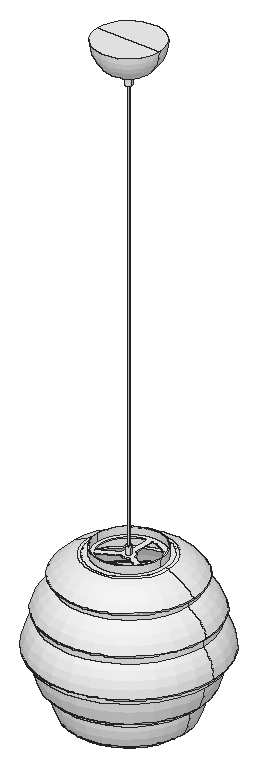
Revit family "Artek_Lighting_Pendant Light A331 “Beehive“_A331 Beehive_quick_ship", category Lighting Fixtures, Revit 2018 (continued)
Definition of nested family "A331"
  Lines and regions (mm)
    symbolic lines, detail levels fine
      curve 822: spline (0, 6.017, 1.084) -> (0, 5.692, 1.288) -> (0, 5.389, 1.887) -> (0, 5.129, 2.839) -> (0, 4.93, 4.079) -> (0, 4.804, 5.524) -> (0, 4.761, 7.074) -> (0, 4.804, 8.625) -> (0, 4.93, 10.069) -> (0, 5.129, 11.31) -> (0, 5.389, 12.262) -> (0, 5.692, 12.86) -> (0, 6.017, 13.064) -> (0, 6.342, 12.86) -> (0, 6.645, 12.262) -> (0, 6.905, 11.31) -> (0, 7.105, 10.069) -> (0, 7.23, 8.625) -> (0, 7.273, 7.074) -> (0, 7.23, 5.524) -> (0, 7.105, 4.079) -> (0, 6.905, 2.839) -> (0, 6.645, 1.887) -> (0, 6.342, 1.288) -> (0, 6.017, 1.084)
      curve 823: spline (0, 10.029, 1.084) -> (0, 9.704, 1.288) -> (0, 9.401, 1.887) -> (0, 9.141, 2.839) -> (0, 8.941, 4.079) -> (0, 8.816, 5.524) -> (0, 8.773, 7.074) -> (0, 8.816, 8.625) -> (0, 8.941, 10.069) -> (0, 9.141, 11.31) -> (0, 9.401, 12.262) -> (0, 9.704, 12.86) -> (0, 10.029, 13.064) -> (0, 10.354, 12.86) -> (0, 10.657, 12.262) -> (0, 10.917, 11.31) -> (0, 11.116, 10.069) -> (0, 11.242, 8.625) -> (0, 11.284, 7.074) -> (0, 11.242, 5.524) -> (0, 11.116, 4.079) -> (0, 10.917, 2.839) -> (0, 10.657, 1.887) -> (0, 10.354, 1.288) -> (0, 10.029, 1.084)
      curve 824: spline (0, 14.04, 1.084) -> (0, 13.715, 1.288) -> (0, 13.412, 1.887) -> (0, 13.152, 2.839) -> (0, 12.953, 4.079) -> (0, 12.827, 5.524) -> (0, 12.784, 7.074) -> (0, 12.827, 8.625) -> (0, 12.953, 10.069) -> (0, 13.152, 11.31) -> (0, 13.412, 12.262) -> (0, 13.715, 12.86) -> (0, 14.04, 13.064) -> (0, 14.365, 12.86) -> (0, 14.668, 12.262) -> (0, 14.928, 11.31) -> (0, 15.128, 10.069) -> (0, 15.253, 8.625) -> (0, 15.296, 7.074) -> (0, 15.253, 5.524) -> (0, 15.128, 4.079) -> (0, 14.928, 2.839) -> (0, 14.668, 1.887) -> (0, 14.365, 1.288) -> (0, 14.04, 1.084)
      curve 825: spline (0, 18.052, 1.084) -> (0, 17.727, 1.288) -> (0, 17.424, 1.887) -> (0, 17.164, 2.839) -> (0, 16.964, 4.079) -> (0, 16.839, 5.524) -> (0, 16.796, 7.074) -> (0, 16.839, 8.625) -> (0, 16.964, 10.069) -> (0, 17.164, 11.31) -> (0, 17.424, 12.262) -> (0, 17.727, 12.86) -> (0, 18.052, 13.064) -> (0, 18.377, 12.86) -> (0, 18.68, 12.262) -> (0, 18.94, 11.31) -> (0, 19.139, 10.069) -> (0, 19.265, 8.625) -> (0, 19.307, 7.074) -> (0, 19.265, 5.524) -> (0, 19.139, 4.079) -> (0, 18.94, 2.839) -> (0, 18.68, 1.887) -> (0, 18.377, 1.288) -> (0, 18.052, 1.084)
      curve 826: spline (0, 22.063, 1.084) -> (0, 21.738, 1.288) -> (0, 21.435, 1.887) -> (0, 21.175, 2.839) -> (0, 20.976, 4.079) -> (0, 20.85, 5.524) -> (0, 20.807, 7.074) -> (0, 20.85, 8.625) -> (0, 20.976, 10.069) -> (0, 21.175, 11.31) -> (0, 21.435, 12.262) -> (0, 21.738, 12.86) -> (0, 22.063, 13.064) -> (0, 22.388, 12.86) -> (0, 22.691, 12.262) -> (0, 22.951, 11.31) -> (0, 23.151, 10.069) -> (0, 23.276, 8.625) -> (0, 23.319, 7.074) -> (0, 23.276, 5.524) -> (0, 23.151, 4.079) -> (0, 22.951, 2.839) -> (0, 22.691, 1.887) -> (0, 22.388, 1.288) -> (0, 22.063, 1.084)
      curve 827: spline (0, 26.075, 1.084) -> (0, 25.75, 1.288) -> (0, 25.447, 1.887) -> (0, 25.187, 2.839) -> (0, 24.987, 4.079) -> (0, 24.862, 5.524) -> (0, 24.819, 7.074) -> (0, 24.862, 8.625) -> (0, 24.987, 10.069) -> (0, 25.187, 11.31) -> (0, 25.447, 12.262) -> (0, 25.75, 12.86) -> (0, 26.075, 13.064) -> (0, 26.4, 12.86) -> (0, 26.703, 12.262) -> (0, 26.963, 11.31) -> (0, 27.162, 10.069) -> (0, 27.288, 8.625) -> (0, 27.33, 7.074) -> (0, 27.288, 5.524) -> (0, 27.162, 4.079) -> (0, 26.963, 2.839) -> (0, 26.703, 1.887) -> (0, 26.4, 1.288) -> (0, 26.075, 1.084)
      curve 828: spline (0, 30.086, 1.084) -> (0, 29.761, 1.288) -> (0, 29.458, 1.887) -> (0, 29.198, 2.839) -> (0, 28.999, 4.079) -> (0, 28.873, 5.524) -> (0, 28.83, 7.074) -> (0, 28.873, 8.625) -> (0, 28.999, 10.069) -> (0, 29.198, 11.31) -> (0, 29.458, 12.262) -> (0, 29.761, 12.86) -> (0, 30.086, 13.064) -> (0, 30.411, 12.86) -> (0, 30.714, 12.262) -> (0, 30.974, 11.31) -> (0, 31.174, 10.069) -> (0, 31.299, 8.625) -> (0, 31.342, 7.074) -> (0, 31.299, 5.524) -> (0, 31.174, 4.079) -> (0, 30.974, 2.839) -> (0, 30.714, 1.887) -> (0, 30.411, 1.288) -> (0, 30.086, 1.084)
      curve 829: spline (0, 34.098, 1.084) -> (0, 33.773, 1.288) -> (0, 33.47, 1.887) -> (0, 33.21, 2.839) -> (0, 33.01, 4.079) -> (0, 32.885, 5.524) -> (0, 32.842, 7.074) -> (0, 32.885, 8.625) -> (0, 33.01, 10.069) -> (0, 33.21, 11.31) -> (0, 33.47, 12.262) -> (0, 33.773, 12.86) -> (0, 34.098, 13.064) -> (0, 34.423, 12.86) -> (0, 34.726, 12.262) -> (0, 34.986, 11.31) -> (0, 35.185, 10.069) -> (0, 35.311, 8.625) -> (0, 35.353, 7.074) -> (0, 35.311, 5.524) -> (0, 35.185, 4.079) -> (0, 34.986, 2.839) -> (0, 34.726, 1.887) -> (0, 34.423, 1.288) -> (0, 34.098, 1.084)
      curve 830: spline (0, 38.109, 1.084) -> (0, 37.784, 1.288) -> (0, 37.481, 1.887) -> (0, 37.221, 2.839) -> (0, 37.022, 4.079) -> (0, 36.896, 5.524) -> (0, 36.853, 7.074) -> (0, 36.896, 8.625) -> (0, 37.022, 10.069) -> (0, 37.221, 11.31) -> (0, 37.481, 12.262) -> (0, 37.784, 12.86) -> (0, 38.109, 13.064) -> (0, 38.434, 12.86) -> (0, 38.737, 12.262) -> (0, 38.997, 11.31) -> (0, 39.197, 10.069) -> (0, 39.322, 8.625) -> (0, 39.365, 7.074) -> (0, 39.322, 5.524) -> (0, 39.197, 4.079) -> (0, 38.997, 2.839) -> (0, 38.737, 1.887) -> (0, 38.434, 1.288) -> (0, 38.109, 1.084)
      curve 831: spline (0, 42.121, 1.084) -> (0, 41.796, 1.288) -> (0, 41.493, 1.887) -> (0, 41.233, 2.839) -> (0, 41.033, 4.079) -> (0, 40.908, 5.524) -> (0, 40.865, 7.074) -> (0, 40.908, 8.625) -> (0, 41.033, 10.069) -> (0, 41.233, 11.31) -> (0, 41.493, 12.262) -> (0, 41.796, 12.86) -> (0, 42.121, 13.064) -> (0, 42.446, 12.86) -> (0, 42.749, 12.262) -> (0, 43.009, 11.31) -> (0, 43.208, 10.069) -> (0, 43.334, 8.625) -> (0, 43.376, 7.074) -> (0, 43.334, 5.524) -> (0, 43.208, 4.079) -> (0, 43.009, 2.839) -> (0, 42.749, 1.887) -> (0, 42.446, 1.288) -> (0, 42.121, 1.084)
      curve 832: spline (0, 46.132, 1.084) -> (0, 45.807, 1.288) -> (0, 45.504, 1.887) -> (0, 45.244, 2.839) -> (0, 45.045, 4.079) -> (0, 44.919, 5.524) -> (0, 44.876, 7.074) -> (0, 44.919, 8.625) -> (0, 45.045, 10.069) -> (0, 45.244, 11.31) -> (0, 45.504, 12.262) -> (0, 45.807, 12.86) -> (0, 46.132, 13.064) -> (0, 46.457, 12.86) -> (0, 46.76, 12.262) -> (0, 47.02, 11.31) -> (0, 47.22, 10.069) -> (0, 47.345, 8.625) -> (0, 47.388, 7.074) -> (0, 47.345, 5.524) -> (0, 47.22, 4.079) -> (0, 47.02, 2.839) -> (0, 46.76, 1.887) -> (0, 46.457, 1.288) -> (0, 46.132, 1.084)
      curve 833: spline (0, 50.144, 1.084) -> (0, 49.819, 1.288) -> (0, 49.516, 1.887) -> (0, 49.256, 2.839) -> (0, 49.056, 4.079) -> (0, 48.931, 5.524) -> (0, 48.888, 7.074) -> (0, 48.931, 8.625) -> (0, 49.056, 10.069) -> (0, 49.256, 11.31) -> (0, 49.516, 12.262) -> (0, 49.819, 12.86) -> (0, 50.144, 13.064) -> (0, 50.469, 12.86) -> (0, 50.771, 12.262) -> (0, 51.032, 11.31) -> (0, 51.231, 10.069) -> (0, 51.357, 8.625) -> (0, 51.399, 7.074) -> (0, 51.357, 5.524) -> (0, 51.231, 4.079) -> (0, 51.032, 2.839) -> (0, 50.771, 1.887) -> (0, 50.469, 1.288) -> (0, 50.144, 1.084)
      curve 834: spline (0, 54.155, 1.084) -> (0, 53.83, 1.288) -> (0, 53.527, 1.887) -> (0, 53.267, 2.839) -> (0, 53.068, 4.079) -> (0, 52.942, 5.524) -> (0, 52.899, 7.074) -> (0, 52.942, 8.625) -> (0, 53.068, 10.069) -> (0, 53.267, 11.31) -> (0, 53.527, 12.262) -> (0, 53.83, 12.86) -> (0, 54.155, 13.064) -> (0, 54.48, 12.86) -> (0, 54.783, 12.262) -> (0, 55.043, 11.31) -> (0, 55.243, 10.069) -> (0, 55.368, 8.625) -> (0, 55.411, 7.074) -> (0, 55.368, 5.524) -> (0, 55.243, 4.079) -> (0, 55.043, 2.839) -> (0, 54.783, 1.887) -> (0, 54.48, 1.288) -> (0, 54.155, 1.084)
      curve 835: spline (0, 58.167, 1.084) -> (0, 57.842, 1.288) -> (0, 57.539, 1.887) -> (0, 57.279, 2.839) -> (0, 57.079, 4.079) -> (0, 56.954, 5.524) -> (0, 56.911, 7.074) -> (0, 56.954, 8.625) -> (0, 57.079, 10.069) -> (0, 57.279, 11.31) -> (0, 57.539, 12.262) -> (0, 57.842, 12.86) -> (0, 58.167, 13.064) -> (0, 58.492, 12.86) -> (0, 58.794, 12.262) -> (0, 59.055, 11.31) -> (0, 59.254, 10.069) -> (0, 59.38, 8.625) -> (0, 59.422, 7.074) -> (0, 59.38, 5.524) -> (0, 59.254, 4.079) -> (0, 59.055, 2.839) -> (0, 58.794, 1.887) -> (0, 58.492, 1.288) -> (0, 58.167, 1.084)
      curve 836: spline (0, 62.178, 1.084) -> (0, 61.853, 1.288) -> (0, 61.55, 1.887) -> (0, 61.29, 2.839) -> (0, 61.091, 4.079) -> (0, 60.965, 5.524) -> (0, 60.922, 7.074) -> (0, 60.965, 8.625) -> (0, 61.091, 10.069) -> (0, 61.29, 11.31) -> (0, 61.55, 12.262) -> (0, 61.853, 12.86) -> (0, 62.178, 13.064) -> (0, 62.503, 12.86) -> (0, 62.806, 12.262) -> (0, 63.066, 11.31) -> (0, 63.266, 10.069) -> (0, 63.391, 8.625) -> (0, 63.434, 7.074) -> (0, 63.391, 5.524) -> (0, 63.266, 4.079) -> (0, 63.066, 2.839) -> (0, 62.806, 1.887) -> (0, 62.503, 1.288) -> (0, 62.178, 1.084)
      curve 837: spline (0, 66.19, 1.084) -> (0, 65.865, 1.288) -> (0, 65.562, 1.887) -> (0, 65.302, 2.839) -> (0, 65.102, 4.079) -> (0, 64.977, 5.524) -> (0, 64.934, 7.074) -> (0, 64.977, 8.625) -> (0, 65.102, 10.069) -> (0, 65.302, 11.31) -> (0, 65.562, 12.262) -> (0, 65.865, 12.86) -> (0, 66.19, 13.064) -> (0, 66.515, 12.86) -> (0, 66.817, 12.262) -> (0, 67.078, 11.31) -> (0, 67.277, 10.069) -> (0, 67.403, 8.625) -> (0, 67.445, 7.074) -> (0, 67.403, 5.524) -> (0, 67.277, 4.079) -> (0, 67.078, 2.839) -> (0, 66.817, 1.887) -> (0, 66.515, 1.288) -> (0, 66.19, 1.084)
      curve 838: spline (0, 70.201, 1.084) -> (0, 69.876, 1.288) -> (0, 69.573, 1.887) -> (0, 69.313, 2.839) -> (0, 69.114, 4.079) -> (0, 68.988, 5.524) -> (0, 68.945, 7.074) -> (0, 68.988, 8.625) -> (0, 69.114, 10.069) -> (0, 69.313, 11.31) -> (0, 69.573, 12.262) -> (0, 69.876, 12.86) -> (0, 70.201, 13.064) -> (0, 70.526, 12.86) -> (0, 70.829, 12.262) -> (0, 71.089, 11.31) -> (0, 71.289, 10.069) -> (0, 71.414, 8.625) -> (0, 71.457, 7.074) -> (0, 71.414, 5.524) -> (0, 71.289, 4.079) -> (0, 71.089, 2.839) -> (0, 70.829, 1.887) -> (0, 70.526, 1.288) -> (0, 70.201, 1.084)
      curve 839: spline (0, 74.213, 1.084) -> (0, 73.888, 1.288) -> (0, 73.585, 1.887) -> (0, 73.325, 2.839) -> (0, 73.125, 4.079) -> (0, 73, 5.524) -> (0, 72.957, 7.074) -> (0, 73, 8.625) -> (0, 73.125, 10.069) -> (0, 73.325, 11.31) -> (0, 73.585, 12.262) -> (0, 73.888, 12.86) -> (0, 74.213, 13.064) -> (0, 74.538, 12.86) -> (0, 74.84, 12.262) -> (0, 75.101, 11.31) -> (0, 75.3, 10.069) -> (0, 75.426, 8.625) -> (0, 75.468, 7.074) -> (0, 75.426, 5.524) -> (0, 75.3, 4.079) -> (0, 75.101, 2.839) -> (0, 74.84, 1.887) -> (0, 74.538, 1.288) -> (0, 74.213, 1.084)
      curve 840: spline (0, 78.224, 1.084) -> (0, 77.899, 1.288) -> (0, 77.596, 1.887) -> (0, 77.336, 2.839) -> (0, 77.137, 4.079) -> (0, 77.011, 5.524) -> (0, 76.968, 7.074) -> (0, 77.011, 8.625) -> (0, 77.137, 10.069) -> (0, 77.336, 11.31) -> (0, 77.596, 12.262) -> (0, 77.899, 12.86) -> (0, 78.224, 13.064) -> (0, 78.549, 12.86) -> (0, 78.852, 12.262) -> (0, 79.112, 11.31) -> (0, 79.312, 10.069) -> (0, 79.437, 8.625) -> (0, 79.48, 7.074) -> (0, 79.437, 5.524) -> (0, 79.312, 4.079) -> (0, 79.112, 2.839) -> (0, 78.852, 1.887) -> (0, 78.549, 1.288) -> (0, 78.224, 1.084)
      curve 841: spline (0, 82.236, 1.084) -> (0, 81.911, 1.288) -> (0, 81.608, 1.887) -> (0, 81.348, 2.839) -> (0, 81.148, 4.079) -> (0, 81.023, 5.524) -> (0, 80.98, 7.074) -> (0, 81.023, 8.625) -> (0, 81.148, 10.069) -> (0, 81.348, 11.31) -> (0, 81.608, 12.262) -> (0, 81.911, 12.86) -> (0, 82.236, 13.064) -> (0, 82.561, 12.86) -> (0, 82.863, 12.262) -> (0, 83.123, 11.31) -> (0, 83.323, 10.069) -> (0, 83.448, 8.625) -> (0, 83.491, 7.074) -> (0, 83.448, 5.524) -> (0, 83.323, 4.079) -> (0, 83.123, 2.839) -> (0, 82.863, 1.887) -> (0, 82.561, 1.288) -> (0, 82.236, 1.084)
      curve 842: spline (0, 86.247, 1.084) -> (0, 85.922, 1.288) -> (0, 85.619, 1.887) -> (0, 85.359, 2.839) -> (0, 85.16, 4.079) -> (0, 85.034, 5.524) -> (0, 84.991, 7.074) -> (0, 85.034, 8.625) -> (0, 85.16, 10.069) -> (0, 85.359, 11.31) -> (0, 85.619, 12.262) -> (0, 85.922, 12.86) -> (0, 86.247, 13.064) -> (0, 86.572, 12.86) -> (0, 86.875, 12.262) -> (0, 87.135, 11.31) -> (0, 87.335, 10.069) -> (0, 87.46, 8.625) -> (0, 87.503, 7.074) -> (0, 87.46, 5.524) -> (0, 87.335, 4.079) -> (0, 87.135, 2.839) -> (0, 86.875, 1.887) -> (0, 86.572, 1.288) -> (0, 86.247, 1.084)
      curve 843: spline (0, 90.259, 1.084) -> (0, 89.934, 1.288) -> (0, 89.631, 1.887) -> (0, 89.371, 2.839) -> (0, 89.171, 4.079) -> (0, 89.046, 5.524) -> (0, 89.003, 7.074) -> (0, 89.046, 8.625) -> (0, 89.171, 10.069) -> (0, 89.371, 11.31) -> (0, 89.631, 12.262) -> (0, 89.934, 12.86) -> (0, 90.259, 13.064) -> (0, 90.584, 12.86) -> (0, 90.886, 12.262) -> (0, 91.146, 11.31) -> (0, 91.346, 10.069) -> (0, 91.471, 8.625) -> (0, 91.514, 7.074) -> (0, 91.471, 5.524) -> (0, 91.346, 4.079) -> (0, 91.146, 2.839) -> (0, 90.886, 1.887) -> (0, 90.584, 1.288) -> (0, 90.259, 1.084)
      curve 844: spline (0, -2.006, 1.084) -> (0, -1.681, 1.288) -> (0, -1.378, 1.887) -> (0, -1.118, 2.839) -> (0, -0.918, 4.079) -> (0, -0.793, 5.524) -> (0, -0.75, 7.074) -> (0, -0.793, 8.625) -> (0, -0.918, 10.069) -> (0, -1.118, 11.31) -> (0, -1.378, 12.262) -> (0, -1.681, 12.86) -> (0, -2.006, 13.064) -> (0, -2.331, 12.86) -> (0, -2.634, 12.262) -> (0, -2.894, 11.31) -> (0, -3.093, 10.069) -> (0, -3.219, 8.625) -> (0, -3.261, 7.074) -> (0, -3.219, 5.524) -> (0, -3.093, 4.079) -> (0, -2.894, 2.839) -> (0, -2.634, 1.887) -> (0, -2.331, 1.288) -> (0, -2.006, 1.084)
      curve 845: spline (0, -6.017, 1.084) -> (0, -5.692, 1.288) -> (0, -5.389, 1.887) -> (0, -5.129, 2.839) -> (0, -4.93, 4.079) -> (0, -4.804, 5.524) -> (0, -4.761, 7.074) -> (0, -4.804, 8.625) -> (0, -4.93, 10.069) -> (0, -5.129, 11.31) -> (0, -5.389, 12.262) -> (0, -5.692, 12.86) -> (0, -6.017, 13.064) -> (0, -6.342, 12.86) -> (0, -6.645, 12.262) -> (0, -6.905, 11.31) -> (0, -7.105, 10.069) -> (0, -7.23, 8.625) -> (0, -7.273, 7.074) -> (0, -7.23, 5.524) -> (0, -7.105, 4.079) -> (0, -6.905, 2.839) -> (0, -6.645, 1.887) -> (0, -6.342, 1.288) -> (0, -6.017, 1.084)
      curve 846: spline (0, -10.029, 1.084) -> (0, -9.704, 1.288) -> (0, -9.401, 1.887) -> (0, -9.141, 2.839) -> (0, -8.941, 4.079) -> (0, -8.816, 5.524) -> (0, -8.773, 7.074) -> (0, -8.816, 8.625) -> (0, -8.941, 10.069) -> (0, -9.141, 11.31) -> (0, -9.401, 12.262) -> (0, -9.704, 12.86) -> (0, -10.029, 13.064) -> (0, -10.354, 12.86) -> (0, -10.657, 12.262) -> (0, -10.917, 11.31) -> (0, -11.116, 10.069) -> (0, -11.242, 8.625) -> (0, -11.284, 7.074) -> (0, -11.242, 5.524) -> (0, -11.116, 4.079) -> (0, -10.917, 2.839) -> (0, -10.657, 1.887) -> (0, -10.354, 1.288) -> (0, -10.029, 1.084)
      curve 847: spline (0, -14.04, 1.084) -> (0, -13.715, 1.288) -> (0, -13.412, 1.887) -> (0, -13.152, 2.839) -> (0, -12.953, 4.079) -> (0, -12.827, 5.524) -> (0, -12.784, 7.074) -> (0, -12.827, 8.625) -> (0, -12.953, 10.069) -> (0, -13.152, 11.31) -> (0, -13.412, 12.262) -> (0, -13.715, 12.86) -> (0, -14.04, 13.064) -> (0, -14.365, 12.86) -> (0, -14.668, 12.262) -> (0, -14.928, 11.31) -> (0, -15.128, 10.069) -> (0, -15.253, 8.625) -> (0, -15.296, 7.074) -> (0, -15.253, 5.524) -> (0, -15.128, 4.079) -> (0, -14.928, 2.839) -> (0, -14.668, 1.887) -> (0, -14.365, 1.288) -> (0, -14.04, 1.084)
      curve 848: spline (0, -18.052, 1.084) -> (0, -17.727, 1.288) -> (0, -17.424, 1.887) -> (0, -17.164, 2.839) -> (0, -16.964, 4.079) -> (0, -16.839, 5.524) -> (0, -16.796, 7.074) -> (0, -16.839, 8.625) -> (0, -16.964, 10.069) -> (0, -17.164, 11.31) -> (0, -17.424, 12.262) -> (0, -17.727, 12.86) -> (0, -18.052, 13.064) -> (0, -18.377, 12.86) -> (0, -18.68, 12.262) -> (0, -18.94, 11.31) -> (0, -19.139, 10.069) -> (0, -19.265, 8.625) -> (0, -19.307, 7.074) -> (0, -19.265, 5.524) -> (0, -19.139, 4.079) -> (0, -18.94, 2.839) -> (0, -18.68, 1.887) -> (0, -18.377, 1.288) -> (0, -18.052, 1.084)
      curve 849: spline (0, -22.063, 1.084) -> (0, -21.738, 1.288) -> (0, -21.435, 1.887) -> (0, -21.175, 2.839) -> (0, -20.976, 4.079) -> (0, -20.85, 5.524) -> (0, -20.807, 7.074) -> (0, -20.85, 8.625) -> (0, -20.976, 10.069) -> (0, -21.175, 11.31) -> (0, -21.435, 12.262) -> (0, -21.738, 12.86) -> (0, -22.063, 13.064) -> (0, -22.388, 12.86) -> (0, -22.691, 12.262) -> (0, -22.951, 11.31) -> (0, -23.151, 10.069) -> (0, -23.276, 8.625) -> (0, -23.319, 7.074) -> (0, -23.276, 5.524) -> (0, -23.151, 4.079) -> (0, -22.951, 2.839) -> (0, -22.691, 1.887) -> (0, -22.388, 1.288) -> (0, -22.063, 1.084)
      curve 850: spline (0, -26.075, 1.084) -> (0, -25.75, 1.288) -> (0, -25.447, 1.887) -> (0, -25.187, 2.839) -> (0, -24.987, 4.079) -> (0, -24.862, 5.524) -> (0, -24.819, 7.074) -> (0, -24.862, 8.625) -> (0, -24.987, 10.069) -> (0, -25.187, 11.31) -> (0, -25.447, 12.262) -> (0, -25.75, 12.86) -> (0, -26.075, 13.064) -> (0, -26.4, 12.86) -> (0, -26.703, 12.262) -> (0, -26.963, 11.31) -> (0, -27.162, 10.069) -> (0, -27.288, 8.625) -> (0, -27.33, 7.074) -> (0, -27.288, 5.524) -> (0, -27.162, 4.079) -> (0, -26.963, 2.839) -> (0, -26.703, 1.887) -> (0, -26.4, 1.288) -> (0, -26.075, 1.084)
      curve 851: spline (0, -30.086, 1.084) -> (0, -29.761, 1.288) -> (0, -29.458, 1.887) -> (0, -29.198, 2.839) -> (0, -28.999, 4.079) -> (0, -28.873, 5.524) -> (0, -28.83, 7.074) -> (0, -28.873, 8.625) -> (0, -28.999, 10.069) -> (0, -29.198, 11.31) -> (0, -29.458, 12.262) -> (0, -29.761, 12.86) -> (0, -30.086, 13.064) -> (0, -30.411, 12.86) -> (0, -30.714, 12.262) -> (0, -30.974, 11.31) -> (0, -31.174, 10.069) -> (0, -31.299, 8.625) -> (0, -31.342, 7.074) -> (0, -31.299, 5.524) -> (0, -31.174, 4.079) -> (0, -30.974, 2.839) -> (0, -30.714, 1.887) -> (0, -30.411, 1.288) -> (0, -30.086, 1.084)
      curve 852: spline (0, -34.098, 1.084) -> (0, -33.773, 1.288) -> (0, -33.47, 1.887) -> (0, -33.21, 2.839) -> (0, -33.01, 4.079) -> (0, -32.885, 5.524) -> (0, -32.842, 7.074) -> (0, -32.885, 8.625) -> (0, -33.01, 10.069) -> (0, -33.21, 11.31) -> (0, -33.47, 12.262) -> (0, -33.773, 12.86) -> (0, -34.098, 13.064) -> (0, -34.423, 12.86) -> (0, -34.726, 12.262) -> (0, -34.986, 11.31) -> (0, -35.185, 10.069) -> (0, -35.311, 8.625) -> (0, -35.353, 7.074) -> (0, -35.311, 5.524) -> (0, -35.185, 4.079) -> (0, -34.986, 2.839) -> (0, -34.726, 1.887) -> (0, -34.423, 1.288) -> (0, -34.098, 1.084)
      curve 853: spline (0, -38.109, 1.084) -> (0, -37.784, 1.288) -> (0, -37.481, 1.887) -> (0, -37.221, 2.839) -> (0, -37.022, 4.079) -> (0, -36.896, 5.524) -> (0, -36.853, 7.074) -> (0, -36.896, 8.625) -> (0, -37.022, 10.069) -> (0, -37.221, 11.31) -> (0, -37.481, 12.262) -> (0, -37.784, 12.86) -> (0, -38.109, 13.064) -> (0, -38.434, 12.86) -> (0, -38.737, 12.262) -> (0, -38.997, 11.31) -> (0, -39.197, 10.069) -> (0, -39.322, 8.625) -> (0, -39.365, 7.074) -> (0, -39.322, 5.524) -> (0, -39.197, 4.079) -> (0, -38.997, 2.839) -> (0, -38.737, 1.887) -> (0, -38.434, 1.288) -> (0, -38.109, 1.084)
      curve 854: spline (0, -42.121, 1.084) -> (0, -41.796, 1.288) -> (0, -41.493, 1.887) -> (0, -41.233, 2.839) -> (0, -41.033, 4.079) -> (0, -40.908, 5.524) -> (0, -40.865, 7.074) -> (0, -40.908, 8.625) -> (0, -41.033, 10.069) -> (0, -41.233, 11.31) -> (0, -41.493, 12.262) -> (0, -41.796, 12.86) -> (0, -42.121, 13.064) -> (0, -42.446, 12.86) -> (0, -42.749, 12.262) -> (0, -43.009, 11.31) -> (0, -43.208, 10.069) -> (0, -43.334, 8.625) -> (0, -43.376, 7.074) -> (0, -43.334, 5.524) -> (0, -43.208, 4.079) -> (0, -43.009, 2.839) -> (0, -42.749, 1.887) -> (0, -42.446, 1.288) -> (0, -42.121, 1.084)
      curve 855: spline (0, -46.132, 1.084) -> (0, -45.807, 1.288) -> (0, -45.504, 1.887) -> (0, -45.244, 2.839) -> (0, -45.045, 4.079) -> (0, -44.919, 5.524) -> (0, -44.876, 7.074) -> (0, -44.919, 8.625) -> (0, -45.045, 10.069) -> (0, -45.244, 11.31) -> (0, -45.504, 12.262) -> (0, -45.807, 12.86) -> (0, -46.132, 13.064) -> (0, -46.457, 12.86) -> (0, -46.76, 12.262) -> (0, -47.02, 11.31) -> (0, -47.22, 10.069) -> (0, -47.345, 8.625) -> (0, -47.388, 7.074) -> (0, -47.345, 5.524) -> (0, -47.22, 4.079) -> (0, -47.02, 2.839) -> (0, -46.76, 1.887) -> (0, -46.457, 1.288) -> (0, -46.132, 1.084)
      curve 856: spline (0, -50.144, 1.084) -> (0, -49.819, 1.288) -> (0, -49.516, 1.887) -> (0, -49.256, 2.839) -> (0, -49.056, 4.079) -> (0, -48.931, 5.524) -> (0, -48.888, 7.074) -> (0, -48.931, 8.625) -> (0, -49.056, 10.069) -> (0, -49.256, 11.31) -> (0, -49.516, 12.262) -> (0, -49.819, 12.86) -> (0, -50.144, 13.064) -> (0, -50.469, 12.86) -> (0, -50.771, 12.262) -> (0, -51.032, 11.31) -> (0, -51.231, 10.069) -> (0, -51.357, 8.625) -> (0, -51.399, 7.074) -> (0, -51.357, 5.524) -> (0, -51.231, 4.079) -> (0, -51.032, 2.839) -> (0, -50.771, 1.887) -> (0, -50.469, 1.288) -> (0, -50.144, 1.084)
      curve 857: spline (0, -54.155, 1.084) -> (0, -53.83, 1.288) -> (0, -53.527, 1.887) -> (0, -53.267, 2.839) -> (0, -53.068, 4.079) -> (0, -52.942, 5.524) -> (0, -52.899, 7.074) -> (0, -52.942, 8.625) -> (0, -53.068, 10.069) -> (0, -53.267, 11.31) -> (0, -53.527, 12.262) -> (0, -53.83, 12.86) -> (0, -54.155, 13.064) -> (0, -54.48, 12.86) -> (0, -54.783, 12.262) -> (0, -55.043, 11.31) -> (0, -55.243, 10.069) -> (0, -55.368, 8.625) -> (0, -55.411, 7.074) -> (0, -55.368, 5.524) -> (0, -55.243, 4.079) -> (0, -55.043, 2.839) -> (0, -54.783, 1.887) -> (0, -54.48, 1.288) -> (0, -54.155, 1.084)
      curve 858: spline (0, -58.167, 1.084) -> (0, -57.842, 1.288) -> (0, -57.539, 1.887) -> (0, -57.279, 2.839) -> (0, -57.079, 4.079) -> (0, -56.954, 5.524) -> (0, -56.911, 7.074) -> (0, -56.954, 8.625) -> (0, -57.079, 10.069) -> (0, -57.279, 11.31) -> (0, -57.539, 12.262) -> (0, -57.842, 12.86) -> (0, -58.167, 13.064) -> (0, -58.492, 12.86) -> (0, -58.794, 12.262) -> (0, -59.055, 11.31) -> (0, -59.254, 10.069) -> (0, -59.38, 8.625) -> (0, -59.422, 7.074) -> (0, -59.38, 5.524) -> (0, -59.254, 4.079) -> (0, -59.055, 2.839) -> (0, -58.794, 1.887) -> (0, -58.492, 1.288) -> (0, -58.167, 1.084)
      curve 859: spline (0, -62.178, 1.084) -> (0, -61.853, 1.288) -> (0, -61.55, 1.887) -> (0, -61.29, 2.839) -> (0, -61.091, 4.079) -> (0, -60.965, 5.524) -> (0, -60.922, 7.074) -> (0, -60.965, 8.625) -> (0, -61.091, 10.069) -> (0, -61.29, 11.31) -> (0, -61.55, 12.262) -> (0, -61.853, 12.86) -> (0, -62.178, 13.064) -> (0, -62.503, 12.86) -> (0, -62.806, 12.262) -> (0, -63.066, 11.31) -> (0, -63.266, 10.069) -> (0, -63.391, 8.625) -> (0, -63.434, 7.074) -> (0, -63.391, 5.524) -> (0, -63.266, 4.079) -> (0, -63.066, 2.839) -> (0, -62.806, 1.887) -> (0, -62.503, 1.288) -> (0, -62.178, 1.084)
      curve 860: spline (0, -66.19, 1.084) -> (0, -65.865, 1.288) -> (0, -65.562, 1.887) -> (0, -65.302, 2.839) -> (0, -65.102, 4.079) -> (0, -64.977, 5.524) -> (0, -64.934, 7.074) -> (0, -64.977, 8.625) -> (0, -65.102, 10.069) -> (0, -65.302, 11.31) -> (0, -65.562, 12.262) -> (0, -65.865, 12.86) -> (0, -66.19, 13.064) -> (0, -66.515, 12.86) -> (0, -66.817, 12.262) -> (0, -67.078, 11.31) -> (0, -67.277, 10.069) -> (0, -67.403, 8.625) -> (0, -67.445, 7.074) -> (0, -67.403, 5.524) -> (0, -67.277, 4.079) -> (0, -67.078, 2.839) -> (0, -66.817, 1.887) -> (0, -66.515, 1.288) -> (0, -66.19, 1.084)
      curve 861: spline (0, -70.201, 1.084) -> (0, -69.876, 1.288) -> (0, -69.573, 1.887) -> (0, -69.313, 2.839) -> (0, -69.114, 4.079) -> (0, -68.988, 5.524) -> (0, -68.945, 7.074) -> (0, -68.988, 8.625) -> (0, -69.114, 10.069) -> (0, -69.313, 11.31) -> (0, -69.573, 12.262) -> (0, -69.876, 12.86) -> (0, -70.201, 13.064) -> (0, -70.526, 12.86) -> (0, -70.829, 12.262) -> (0, -71.089, 11.31) -> (0, -71.289, 10.069) -> (0, -71.414, 8.625) -> (0, -71.457, 7.074) -> (0, -71.414, 5.524) -> (0, -71.289, 4.079) -> (0, -71.089, 2.839) -> (0, -70.829, 1.887) -> (0, -70.526, 1.288) -> (0, -70.201, 1.084)
      curve 862: spline (0, -74.213, 1.084) -> (0, -73.888, 1.288) -> (0, -73.585, 1.887) -> (0, -73.325, 2.839) -> (0, -73.125, 4.079) -> (0, -73, 5.524) -> (0, -72.957, 7.074) -> (0, -73, 8.625) -> (0, -73.125, 10.069) -> (0, -73.325, 11.31) -> (0, -73.585, 12.262) -> (0, -73.888, 12.86) -> (0, -74.213, 13.064) -> (0, -74.538, 12.86) -> (0, -74.84, 12.262) -> (0, -75.101, 11.31) -> (0, -75.3, 10.069) -> (0, -75.426, 8.625) -> (0, -75.468, 7.074) -> (0, -75.426, 5.524) -> (0, -75.3, 4.079) -> (0, -75.101, 2.839) -> (0, -74.84, 1.887) -> (0, -74.538, 1.288) -> (0, -74.213, 1.084)
      curve 863: spline (0, -78.224, 1.084) -> (0, -77.899, 1.288) -> (0, -77.596, 1.887) -> (0, -77.336, 2.839) -> (0, -77.137, 4.079) -> (0, -77.011, 5.524) -> (0, -76.968, 7.074) -> (0, -77.011, 8.625) -> (0, -77.137, 10.069) -> (0, -77.336, 11.31) -> (0, -77.596, 12.262) -> (0, -77.899, 12.86) -> (0, -78.224, 13.064) -> (0, -78.549, 12.86) -> (0, -78.852, 12.262) -> (0, -79.112, 11.31) -> (0, -79.312, 10.069) -> (0, -79.437, 8.625) -> (0, -79.48, 7.074) -> (0, -79.437, 5.524) -> (0, -79.312, 4.079) -> (0, -79.112, 2.839) -> (0, -78.852, 1.887) -> (0, -78.549, 1.288) -> (0, -78.224, 1.084)
      curve 864: spline (0, -82.236, 1.084) -> (0, -81.911, 1.288) -> (0, -81.608, 1.887) -> (0, -81.348, 2.839) -> (0, -81.148, 4.079) -> (0, -81.023, 5.524) -> (0, -80.98, 7.074) -> (0, -81.023, 8.625) -> (0, -81.148, 10.069) -> (0, -81.348, 11.31) -> (0, -81.608, 12.262) -> (0, -81.911, 12.86) -> (0, -82.236, 13.064) -> (0, -82.561, 12.86) -> (0, -82.863, 12.262) -> (0, -83.123, 11.31) -> (0, -83.323, 10.069) -> (0, -83.448, 8.625) -> (0, -83.491, 7.074) -> (0, -83.448, 5.524) -> (0, -83.323, 4.079) -> (0, -83.123, 2.839) -> (0, -82.863, 1.887) -> (0, -82.561, 1.288) -> (0, -82.236, 1.084)
      curve 865: spline (0, -86.247, 1.084) -> (0, -85.922, 1.288) -> (0, -85.619, 1.887) -> (0, -85.359, 2.839) -> (0, -85.16, 4.079) -> (0, -85.034, 5.524) -> (0, -84.991, 7.074) -> (0, -85.034, 8.625) -> (0, -85.16, 10.069) -> (0, -85.359, 11.31) -> (0, -85.619, 12.262) -> (0, -85.922, 12.86) -> (0, -86.247, 13.064) -> (0, -86.572, 12.86) -> (0, -86.875, 12.262) -> (0, -87.135, 11.31) -> (0, -87.335, 10.069) -> (0, -87.46, 8.625) -> (0, -87.503, 7.074) -> (0, -87.46, 5.524) -> (0, -87.335, 4.079) -> (0, -87.135, 2.839) -> (0, -86.875, 1.887) -> (0, -86.572, 1.288) -> (0, -86.247, 1.084)
      curve 866: spline (0, -90.259, 1.084) -> (0, -89.934, 1.288) -> (0, -89.631, 1.887) -> (0, -89.371, 2.839) -> (0, -89.171, 4.079) -> (0, -89.046, 5.524) -> (0, -89.003, 7.074) -> (0, -89.046, 8.625) -> (0, -89.171, 10.069) -> (0, -89.371, 11.31) -> (0, -89.631, 12.262) -> (0, -89.934, 12.86) -> (0, -90.259, 13.064) -> (0, -90.584, 12.86) -> (0, -90.886, 12.262) -> (0, -91.146, 11.31) -> (0, -91.346, 10.069) -> (0, -91.471, 8.625) -> (0, -91.514, 7.074) -> (0, -91.471, 5.524) -> (0, -91.346, 4.079) -> (0, -91.146, 2.839) -> (0, -90.886, 1.887) -> (0, -90.584, 1.288) -> (0, -90.259, 1.084)
      curve 867: spline (0, 2.006, 285.437) -> (0, 1.681, 285.641) -> (0, 1.378, 286.239) -> (0, 1.118, 287.191) -> (0, 0.918, 288.432) -> (0, 0.793, 289.877) -> (0, 0.75, 291.427) -> (0, 0.793, 292.977) -> (0, 0.918, 294.422) -> (0, 1.118, 295.663) -> (0, 1.378, 296.614) -> (0, 1.681, 297.213) -> (0, 2.006, 297.417) -> (0, 2.331, 297.213) -> (0, 2.634, 296.614) -> (0, 2.894, 295.663) -> (0, 3.093, 294.422) -> (0, 3.219, 292.977) -> (0, 3.261, 291.427) -> (0, 3.219, 289.877) -> (0, 3.093, 288.432) -> (0, 2.894, 287.191) -> (0, 2.634, 286.239) -> (0, 2.331, 285.641) -> (0, 2.006, 285.437)
      curve 868: spline (0, 6.017, 285.437) -> (0, 5.692, 285.641) -> (0, 5.389, 286.239) -> (0, 5.129, 287.191) -> (0, 4.93, 288.432) -> (0, 4.804, 289.877) -> (0, 4.761, 291.427) -> (0, 4.804, 292.977) -> (0, 4.93, 294.422) -> (0, 5.129, 295.663) -> (0, 5.389, 296.614) -> (0, 5.692, 297.213) -> (0, 6.017, 297.417) -> (0, 6.342, 297.213) -> (0, 6.645, 296.614) -> (0, 6.905, 295.663) -> (0, 7.105, 294.422) -> (0, 7.23, 292.977) -> (0, 7.273, 291.427) -> (0, 7.23, 289.877) -> (0, 7.105, 288.432) -> (0, 6.905, 287.191) -> (0, 6.645, 286.239) -> (0, 6.342, 285.641) -> (0, 6.017, 285.437)
      curve 869: spline (0, 10.029, 285.437) -> (0, 9.704, 285.641) -> (0, 9.401, 286.239) -> (0, 9.141, 287.191) -> (0, 8.941, 288.432) -> (0, 8.816, 289.877) -> (0, 8.773, 291.427) -> (0, 8.816, 292.977) -> (0, 8.941, 294.422) -> (0, 9.141, 295.663) -> (0, 9.401, 296.614) -> (0, 9.704, 297.213) -> (0, 10.029, 297.417) -> (0, 10.354, 297.213) -> (0, 10.657, 296.614) -> (0, 10.917, 295.663) -> (0, 11.116, 294.422) -> (0, 11.242, 292.977) -> (0, 11.284, 291.427) -> (0, 11.242, 289.877) -> (0, 11.116, 288.432) -> (0, 10.917, 287.191) -> (0, 10.657, 286.239) -> (0, 10.354, 285.641) -> (0, 10.029, 285.437)
      curve 870: spline (0, 14.04, 285.437) -> (0, 13.715, 285.641) -> (0, 13.412, 286.239) -> (0, 13.152, 287.191) -> (0, 12.953, 288.432) -> (0, 12.827, 289.877) -> (0, 12.784, 291.427) -> (0, 12.827, 292.977) -> (0, 12.953, 294.422) -> (0, 13.152, 295.663) -> (0, 13.412, 296.614) -> (0, 13.715, 297.213) -> (0, 14.04, 297.417) -> (0, 14.365, 297.213) -> (0, 14.668, 296.614) -> (0, 14.928, 295.663) -> (0, 15.128, 294.422) -> (0, 15.253, 292.977) -> (0, 15.296, 291.427) -> (0, 15.253, 289.877) -> (0, 15.128, 288.432) -> (0, 14.928, 287.191) -> (0, 14.668, 286.239) -> (0, 14.365, 285.641) -> (0, 14.04, 285.437)
      curve 871: spline (0, 18.052, 285.437) -> (0, 17.727, 285.641) -> (0, 17.424, 286.239) -> (0, 17.164, 287.191) -> (0, 16.964, 288.432) -> (0, 16.839, 289.877) -> (0, 16.796, 291.427) -> (0, 16.839, 292.977) -> (0, 16.964, 294.422) -> (0, 17.164, 295.663) -> (0, 17.424, 296.614) -> (0, 17.727, 297.213) -> (0, 18.052, 297.417) -> (0, 18.377, 297.213) -> (0, 18.68, 296.614) -> (0, 18.94, 295.663) -> (0, 19.139, 294.422) -> (0, 19.265, 292.977) -> (0, 19.307, 291.427) -> (0, 19.265, 289.877) -> (0, 19.139, 288.432) -> (0, 18.94, 287.191) -> (0, 18.68, 286.239) -> (0, 18.377, 285.641) -> (0, 18.052, 285.437)
      curve 872: spline (0, 22.063, 285.437) -> (0, 21.738, 285.641) -> (0, 21.435, 286.239) -> (0, 21.175, 287.191) -> (0, 20.976, 288.432) -> (0, 20.85, 289.877) -> (0, 20.807, 291.427) -> (0, 20.85, 292.977) -> (0, 20.976, 294.422) -> (0, 21.175, 295.663) -> (0, 21.435, 296.614) -> (0, 21.738, 297.213) -> (0, 22.063, 297.417) -> (0, 22.388, 297.213) -> (0, 22.691, 296.614) -> (0, 22.951, 295.663) -> (0, 23.151, 294.422) -> (0, 23.276, 292.977) -> (0, 23.319, 291.427) -> (0, 23.276, 289.877) -> (0, 23.151, 288.432) -> (0, 22.951, 287.191) -> (0, 22.691, 286.239) -> (0, 22.388, 285.641) -> (0, 22.063, 285.437)
      curve 873: spline (0, 26.075, 285.437) -> (0, 25.75, 285.641) -> (0, 25.447, 286.239) -> (0, 25.187, 287.191) -> (0, 24.987, 288.432) -> (0, 24.862, 289.877) -> (0, 24.819, 291.427) -> (0, 24.862, 292.977) -> (0, 24.987, 294.422) -> (0, 25.187, 295.663) -> (0, 25.447, 296.614) -> (0, 25.75, 297.213) -> (0, 26.075, 297.417) -> (0, 26.4, 297.213) -> (0, 26.703, 296.614) -> (0, 26.963, 295.663) -> (0, 27.162, 294.422) -> (0, 27.288, 292.977) -> (0, 27.33, 291.427) -> (0, 27.288, 289.877) -> (0, 27.162, 288.432) -> (0, 26.963, 287.191) -> (0, 26.703, 286.239) -> (0, 26.4, 285.641) -> (0, 26.075, 285.437)
      curve 874: spline (0, 30.086, 285.437) -> (0, 29.761, 285.641) -> (0, 29.458, 286.239) -> (0, 29.198, 287.191) -> (0, 28.999, 288.432) -> (0, 28.873, 289.877) -> (0, 28.83, 291.427) -> (0, 28.873, 292.977) -> (0, 28.999, 294.422) -> (0, 29.198, 295.663) -> (0, 29.458, 296.614) -> (0, 29.761, 297.213) -> (0, 30.086, 297.417) -> (0, 30.411, 297.213) -> (0, 30.714, 296.614) -> (0, 30.974, 295.663) -> (0, 31.174, 294.422) -> (0, 31.299, 292.977) -> (0, 31.342, 291.427) -> (0, 31.299, 289.877) -> (0, 31.174, 288.432) -> (0, 30.974, 287.191) -> (0, 30.714, 286.239) -> (0, 30.411, 285.641) -> (0, 30.086, 285.437)
      curve 875: spline (0, 34.098, 285.437) -> (0, 33.773, 285.641) -> (0, 33.47, 286.239) -> (0, 33.21, 287.191) -> (0, 33.01, 288.432) -> (0, 32.885, 289.877) -> (0, 32.842, 291.427) -> (0, 32.885, 292.977) -> (0, 33.01, 294.422) -> (0, 33.21, 295.663) -> (0, 33.47, 296.614) -> (0, 33.773, 297.213) -> (0, 34.098, 297.417) -> (0, 34.423, 297.213) -> (0, 34.726, 296.614) -> (0, 34.986, 295.663) -> (0, 35.185, 294.422) -> (0, 35.311, 292.977) -> (0, 35.353, 291.427) -> (0, 35.311, 289.877) -> (0, 35.185, 288.432) -> (0, 34.986, 287.191) -> (0, 34.726, 286.239) -> (0, 34.423, 285.641) -> (0, 34.098, 285.437)
      curve 876: spline (0, 38.109, 285.437) -> (0, 37.784, 285.641) -> (0, 37.481, 286.239) -> (0, 37.221, 287.191) -> (0, 37.022, 288.432) -> (0, 36.896, 289.877) -> (0, 36.853, 291.427) -> (0, 36.896, 292.977) -> (0, 37.022, 294.422) -> (0, 37.221, 295.663) -> (0, 37.481, 296.614) -> (0, 37.784, 297.213) -> (0, 38.109, 297.417) -> (0, 38.434, 297.213) -> (0, 38.737, 296.614) -> (0, 38.997, 295.663) -> (0, 39.197, 294.422) -> (0, 39.322, 292.977) -> (0, 39.365, 291.427) -> (0, 39.322, 289.877) -> (0, 39.197, 288.432) -> (0, 38.997, 287.191) -> (0, 38.737, 286.239) -> (0, 38.434, 285.641) -> (0, 38.109, 285.437)
      curve 877: spline (0, 42.121, 285.437) -> (0, 41.796, 285.641) -> (0, 41.493, 286.239) -> (0, 41.233, 287.191) -> (0, 41.033, 288.432) -> (0, 40.908, 289.877) -> (0, 40.865, 291.427) -> (0, 40.908, 292.977) -> (0, 41.033, 294.422) -> (0, 41.233, 295.663) -> (0, 41.493, 296.614) -> (0, 41.796, 297.213) -> (0, 42.121, 297.417) -> (0, 42.446, 297.213) -> (0, 42.749, 296.614) -> (0, 43.009, 295.663) -> (0, 43.208, 294.422) -> (0, 43.334, 292.977) -> (0, 43.376, 291.427) -> (0, 43.334, 289.877) -> (0, 43.208, 288.432) -> (0, 43.009, 287.191) -> (0, 42.749, 286.239) -> (0, 42.446, 285.641) -> (0, 42.121, 285.437)
      curve 878: spline (0, 46.132, 285.437) -> (0, 45.807, 285.641) -> (0, 45.504, 286.239) -> (0, 45.244, 287.191) -> (0, 45.045, 288.432) -> (0, 44.919, 289.877) -> (0, 44.876, 291.427) -> (0, 44.919, 292.977) -> (0, 45.045, 294.422) -> (0, 45.244, 295.663) -> (0, 45.504, 296.614) -> (0, 45.807, 297.213) -> (0, 46.132, 297.417) -> (0, 46.457, 297.213) -> (0, 46.76, 296.614) -> (0, 47.02, 295.663) -> (0, 47.22, 294.422) -> (0, 47.345, 292.977) -> (0, 47.388, 291.427) -> (0, 47.345, 289.877) -> (0, 47.22, 288.432) -> (0, 47.02, 287.191) -> (0, 46.76, 286.239) -> (0, 46.457, 285.641) -> (0, 46.132, 285.437)
      curve 879: spline (0, 50.144, 285.437) -> (0, 49.819, 285.641) -> (0, 49.516, 286.239) -> (0, 49.256, 287.191) -> (0, 49.056, 288.432) -> (0, 48.931, 289.877) -> (0, 48.888, 291.427) -> (0, 48.931, 292.977) -> (0, 49.056, 294.422) -> (0, 49.256, 295.663) -> (0, 49.516, 296.614) -> (0, 49.819, 297.213) -> (0, 50.144, 297.417) -> (0, 50.469, 297.213) -> (0, 50.771, 296.614) -> (0, 51.032, 295.663) -> (0, 51.231, 294.422) -> (0, 51.357, 292.977) -> (0, 51.399, 291.427) -> (0, 51.357, 289.877) -> (0, 51.231, 288.432) -> (0, 51.032, 287.191) -> (0, 50.771, 286.239) -> (0, 50.469, 285.641) -> (0, 50.144, 285.437)
      curve 880: spline (0, 54.155, 285.437) -> (0, 53.83, 285.641) -> (0, 53.527, 286.239) -> (0, 53.267, 287.191) -> (0, 53.068, 288.432) -> (0, 52.942, 289.877) -> (0, 52.899, 291.427) -> (0, 52.942, 292.977) -> (0, 53.068, 294.422) -> (0, 53.267, 295.663) -> (0, 53.527, 296.614) -> (0, 53.83, 297.213) -> (0, 54.155, 297.417) -> (0, 54.48, 297.213) -> (0, 54.783, 296.614) -> (0, 55.043, 295.663) -> (0, 55.243, 294.422) -> (0, 55.368, 292.977) -> (0, 55.411, 291.427) -> (0, 55.368, 289.877) -> (0, 55.243, 288.432) -> (0, 55.043, 287.191) -> (0, 54.783, 286.239) -> (0, 54.48, 285.641) -> (0, 54.155, 285.437)
      curve 881: spline (0, 58.167, 285.437) -> (0, 57.842, 285.641) -> (0, 57.539, 286.239) -> (0, 57.279, 287.191) -> (0, 57.079, 288.432) -> (0, 56.954, 289.877) -> (0, 56.911, 291.427) -> (0, 56.954, 292.977) -> (0, 57.079, 294.422) -> (0, 57.279, 295.663) -> (0, 57.539, 296.614) -> (0, 57.842, 297.213) -> (0, 58.167, 297.417) -> (0, 58.492, 297.213) -> (0, 58.794, 296.614) -> (0, 59.055, 295.663) -> (0, 59.254, 294.422) -> (0, 59.38, 292.977) -> (0, 59.422, 291.427) -> (0, 59.38, 289.877) -> (0, 59.254, 288.432) -> (0, 59.055, 287.191) -> (0, 58.794, 286.239) -> (0, 58.492, 285.641) -> (0, 58.167, 285.437)
      curve 882: spline (0, -2.006, 285.437) -> (0, -1.681, 285.641) -> (0, -1.378, 286.239) -> (0, -1.118, 287.191) -> (0, -0.918, 288.432) -> (0, -0.793, 289.877) -> (0, -0.75, 291.427) -> (0, -0.793, 292.977) -> (0, -0.918, 294.422) -> (0, -1.118, 295.663) -> (0, -1.378, 296.614) -> (0, -1.681, 297.213) -> (0, -2.006, 297.417) -> (0, -2.331, 297.213) -> (0, -2.634, 296.614) -> (0, -2.894, 295.663) -> (0, -3.093, 294.422) -> (0, -3.219, 292.977) -> (0, -3.261, 291.427) -> (0, -3.219, 289.877) -> (0, -3.093, 288.432) -> (0, -2.894, 287.191) -> (0, -2.634, 286.239) -> (0, -2.331, 285.641) -> (0, -2.006, 285.437)
      curve 883: spline (0, -6.017, 285.437) -> (0, -5.692, 285.641) -> (0, -5.389, 286.239) -> (0, -5.129, 287.191) -> (0, -4.93, 288.432) -> (0, -4.804, 289.877) -> (0, -4.761, 291.427) -> (0, -4.804, 292.977) -> (0, -4.93, 294.422) -> (0, -5.129, 295.663) -> (0, -5.389, 296.614) -> (0, -5.692, 297.213) -> (0, -6.017, 297.417) -> (0, -6.342, 297.213) -> (0, -6.645, 296.614) -> (0, -6.905, 295.663) -> (0, -7.105, 294.422) -> (0, -7.23, 292.977) -> (0, -7.273, 291.427) -> (0, -7.23, 289.877) -> (0, -7.105, 288.432) -> (0, -6.905, 287.191) -> (0, -6.645, 286.239) -> (0, -6.342, 285.641) -> (0, -6.017, 285.437)
      curve 884: spline (0, -10.029, 285.437) -> (0, -9.704, 285.641) -> (0, -9.401, 286.239) -> (0, -9.141, 287.191) -> (0, -8.941, 288.432) -> (0, -8.816, 289.877) -> (0, -8.773, 291.427) -> (0, -8.816, 292.977) -> (0, -8.941, 294.422) -> (0, -9.141, 295.663) -> (0, -9.401, 296.614) -> (0, -9.704, 297.213) -> (0, -10.029, 297.417) -> (0, -10.354, 297.213) -> (0, -10.657, 296.614) -> (0, -10.917, 295.663) -> (0, -11.116, 294.422) -> (0, -11.242, 292.977) -> (0, -11.284, 291.427) -> (0, -11.242, 289.877) -> (0, -11.116, 288.432) -> (0, -10.917, 287.191) -> (0, -10.657, 286.239) -> (0, -10.354, 285.641) -> (0, -10.029, 285.437)
      curve 885: spline (0, -14.04, 285.437) -> (0, -13.715, 285.641) -> (0, -13.412, 286.239) -> (0, -13.152, 287.191) -> (0, -12.953, 288.432) -> (0, -12.827, 289.877) -> (0, -12.784, 291.427) -> (0, -12.827, 292.977) -> (0, -12.953, 294.422) -> (0, -13.152, 295.663) -> (0, -13.412, 296.614) -> (0, -13.715, 297.213) -> (0, -14.04, 297.417) -> (0, -14.365, 297.213) -> (0, -14.668, 296.614) -> (0, -14.928, 295.663) -> (0, -15.128, 294.422) -> (0, -15.253, 292.977) -> (0, -15.296, 291.427) -> (0, -15.253, 289.877) -> (0, -15.128, 288.432) -> (0, -14.928, 287.191) -> (0, -14.668, 286.239) -> (0, -14.365, 285.641) -> (0, -14.04, 285.437)
      curve 886: spline (0, -18.052, 285.437) -> (0, -17.727, 285.641) -> (0, -17.424, 286.239) -> (0, -17.164, 287.191) -> (0, -16.964, 288.432) -> (0, -16.839, 289.877) -> (0, -16.796, 291.427) -> (0, -16.839, 292.977) -> (0, -16.964, 294.422) -> (0, -17.164, 295.663) -> (0, -17.424, 296.614) -> (0, -17.727, 297.213) -> (0, -18.052, 297.417) -> (0, -18.377, 297.213) -> (0, -18.68, 296.614) -> (0, -18.94, 295.663) -> (0, -19.139, 294.422) -> (0, -19.265, 292.977) -> (0, -19.307, 291.427) -> (0, -19.265, 289.877) -> (0, -19.139, 288.432) -> (0, -18.94, 287.191) -> (0, -18.68, 286.239) -> (0, -18.377, 285.641) -> (0, -18.052, 285.437)
      curve 887: spline (0, -22.063, 285.437) -> (0, -21.738, 285.641) -> (0, -21.435, 286.239) -> (0, -21.175, 287.191) -> (0, -20.976, 288.432) -> (0, -20.85, 289.877) -> (0, -20.807, 291.427) -> (0, -20.85, 292.977) -> (0, -20.976, 294.422) -> (0, -21.175, 295.663) -> (0, -21.435, 296.614) -> (0, -21.738, 297.213) -> (0, -22.063, 297.417) -> (0, -22.388, 297.213) -> (0, -22.691, 296.614) -> (0, -22.951, 295.663) -> (0, -23.151, 294.422) -> (0, -23.276, 292.977) -> (0, -23.319, 291.427) -> (0, -23.276, 289.877) -> (0, -23.151, 288.432) -> (0, -22.951, 287.191) -> (0, -22.691, 286.239) -> (0, -22.388, 285.641) -> (0, -22.063, 285.437)
      curve 888: spline (0, -26.075, 285.437) -> (0, -25.75, 285.641) -> (0, -25.447, 286.239) -> (0, -25.187, 287.191) -> (0, -24.987, 288.432) -> (0, -24.862, 289.877) -> (0, -24.819, 291.427) -> (0, -24.862, 292.977) -> (0, -24.987, 294.422) -> (0, -25.187, 295.663) -> (0, -25.447, 296.614) -> (0, -25.75, 297.213) -> (0, -26.075, 297.417) -> (0, -26.4, 297.213) -> (0, -26.703, 296.614) -> (0, -26.963, 295.663) -> (0, -27.162, 294.422) -> (0, -27.288, 292.977) -> (0, -27.33, 291.427) -> (0, -27.288, 289.877) -> (0, -27.162, 288.432) -> (0, -26.963, 287.191) -> (0, -26.703, 286.239) -> (0, -26.4, 285.641) -> (0, -26.075, 285.437)
      curve 889: spline (0, -30.086, 285.437) -> (0, -29.761, 285.641) -> (0, -29.458, 286.239) -> (0, -29.198, 287.191) -> (0, -28.999, 288.432) -> (0, -28.873, 289.877) -> (0, -28.83, 291.427) -> (0, -28.873, 292.977) -> (0, -28.999, 294.422) -> (0, -29.198, 295.663) -> (0, -29.458, 296.614) -> (0, -29.761, 297.213) -> (0, -30.086, 297.417) -> (0, -30.411, 297.213) -> (0, -30.714, 296.614) -> (0, -30.974, 295.663) -> (0, -31.174, 294.422) -> (0, -31.299, 292.977) -> (0, -31.342, 291.427) -> (0, -31.299, 289.877) -> (0, -31.174, 288.432) -> (0, -30.974, 287.191) -> (0, -30.714, 286.239) -> (0, -30.411, 285.641) -> (0, -30.086, 285.437)
      curve 890: spline (0, -34.098, 285.437) -> (0, -33.773, 285.641) -> (0, -33.47, 286.239) -> (0, -33.21, 287.191) -> (0, -33.01, 288.432) -> (0, -32.885, 289.877) -> (0, -32.842, 291.427) -> (0, -32.885, 292.977) -> (0, -33.01, 294.422) -> (0, -33.21, 295.663) -> (0, -33.47, 296.614) -> (0, -33.773, 297.213) -> (0, -34.098, 297.417) -> (0, -34.423, 297.213) -> (0, -34.726, 296.614) -> (0, -34.986, 295.663) -> (0, -35.185, 294.422) -> (0, -35.311, 292.977) -> (0, -35.353, 291.427) -> (0, -35.311, 289.877) -> (0, -35.185, 288.432) -> (0, -34.986, 287.191) -> (0, -34.726, 286.239) -> (0, -34.423, 285.641) -> (0, -34.098, 285.437)
      curve 891: spline (0, -38.109, 285.437) -> (0, -37.784, 285.641) -> (0, -37.481, 286.239) -> (0, -37.221, 287.191) -> (0, -37.022, 288.432) -> (0, -36.896, 289.877) -> (0, -36.853, 291.427) -> (0, -36.896, 292.977) -> (0, -37.022, 294.422) -> (0, -37.221, 295.663) -> (0, -37.481, 296.614) -> (0, -37.784, 297.213) -> (0, -38.109, 297.417) -> (0, -38.434, 297.213) -> (0, -38.737, 296.614) -> (0, -38.997, 295.663) -> (0, -39.197, 294.422) -> (0, -39.322, 292.977) -> (0, -39.365, 291.427) -> (0, -39.322, 289.877) -> (0, -39.197, 288.432) -> (0, -38.997, 287.191) -> (0, -38.737, 286.239) -> (0, -38.434, 285.641) -> (0, -38.109, 285.437)
      curve 892: spline (0, -42.121, 285.437) -> (0, -41.796, 285.641) -> (0, -41.493, 286.239) -> (0, -41.233, 287.191) -> (0, -41.033, 288.432) -> (0, -40.908, 289.877) -> (0, -40.865, 291.427) -> (0, -40.908, 292.977) -> (0, -41.033, 294.422) -> (0, -41.233, 295.663) -> (0, -41.493, 296.614) -> (0, -41.796, 297.213) -> (0, -42.121, 297.417) -> (0, -42.446, 297.213) -> (0, -42.749, 296.614) -> (0, -43.009, 295.663) -> (0, -43.208, 294.422) -> (0, -43.334, 292.977) -> (0, -43.376, 291.427) -> (0, -43.334, 289.877) -> (0, -43.208, 288.432) -> (0, -43.009, 287.191) -> (0, -42.749, 286.239) -> (0, -42.446, 285.641) -> (0, -42.121, 285.437)
      curve 893: spline (0, -46.132, 285.437) -> (0, -45.807, 285.641) -> (0, -45.504, 286.239) -> (0, -45.244, 287.191) -> (0, -45.045, 288.432) -> (0, -44.919, 289.877) -> (0, -44.876, 291.427) -> (0, -44.919, 292.977) -> (0, -45.045, 294.422) -> (0, -45.244, 295.663) -> (0, -45.504, 296.614) -> (0, -45.807, 297.213) -> (0, -46.132, 297.417) -> (0, -46.457, 297.213) -> (0, -46.76, 296.614) -> (0, -47.02, 295.663) -> (0, -47.22, 294.422) -> (0, -47.345, 292.977) -> (0, -47.388, 291.427) -> (0, -47.345, 289.877) -> (0, -47.22, 288.432) -> (0, -47.02, 287.191) -> (0, -46.76, 286.239) -> (0, -46.457, 285.641) -> (0, -46.132, 285.437)
      curve 894: spline (0, -50.144, 285.437) -> (0, -49.819, 285.641) -> (0, -49.516, 286.239) -> (0, -49.256, 287.191) -> (0, -49.056, 288.432) -> (0, -48.931, 289.877) -> (0, -48.888, 291.427) -> (0, -48.931, 292.977) -> (0, -49.056, 294.422) -> (0, -49.256, 295.663) -> (0, -49.516, 296.614) -> (0, -49.819, 297.213) -> (0, -50.144, 297.417) -> (0, -50.469, 297.213) -> (0, -50.771, 296.614) -> (0, -51.032, 295.663) -> (0, -51.231, 294.422) -> (0, -51.357, 292.977) -> (0, -51.399, 291.427) -> (0, -51.357, 289.877) -> (0, -51.231, 288.432) -> (0, -51.032, 287.191) -> (0, -50.771, 286.239) -> (0, -50.469, 285.641) -> (0, -50.144, 285.437)
      curve 895: spline (0, -54.155, 285.437) -> (0, -53.83, 285.641) -> (0, -53.527, 286.239) -> (0, -53.267, 287.191) -> (0, -53.068, 288.432) -> (0, -52.942, 289.877) -> (0, -52.899, 291.427) -> (0, -52.942, 292.977) -> (0, -53.068, 294.422) -> (0, -53.267, 295.663) -> (0, -53.527, 296.614) -> (0, -53.83, 297.213) -> (0, -54.155, 297.417) -> (0, -54.48, 297.213) -> (0, -54.783, 296.614) -> (0, -55.043, 295.663) -> (0, -55.243, 294.422) -> (0, -55.368, 292.977) -> (0, -55.411, 291.427) -> (0, -55.368, 289.877) -> (0, -55.243, 288.432) -> (0, -55.043, 287.191) -> (0, -54.783, 286.239) -> (0, -54.48, 285.641) -> (0, -54.155, 285.437)
      curve 896: spline (0, -58.167, 285.437) -> (0, -57.842, 285.641) -> (0, -57.539, 286.239) -> (0, -57.279, 287.191) -> (0, -57.079, 288.432) -> (0, -56.954, 289.877) -> (0, -56.911, 291.427) -> (0, -56.954, 292.977) -> (0, -57.079, 294.422) -> (0, -57.279, 295.663) -> (0, -57.539, 296.614) -> (0, -57.842, 297.213) -> (0, -58.167, 297.417) -> (0, -58.492, 297.213) -> (0, -58.794, 296.614) -> (0, -59.055, 295.663) -> (0, -59.254, 294.422) -> (0, -59.38, 292.977) -> (0, -59.422, 291.427) -> (0, -59.38, 289.877) -> (0, -59.254, 288.432) -> (0, -59.055, 287.191) -> (0, -58.794, 286.239) -> (0, -58.492, 285.641) -> (0, -58.167, 285.437)
  Dimensions and locks
    locked: plane 4 to level at 299.8
    "CableLength": plane 5 to plane 4
    aligned and locked: level to plane 2
    aligned and locked: plane 4 to Extrusion 9
    aligned and locked: plane 4 to cut or joined group of Revolve 1, Extrusion 2
    aligned and locked: plane 5 to Extrusion 9
    aligned and locked: Extrusion 9 to cut or joined group of Revolve 1, Extrusion 2
    aligned and locked: Extrusion 10 to cut or joined group of Revolve 1, Extrusion 2
  Automatic sketch dimensions
    curve 209 to curve 210 = 0 mm  (x2)
    curve 209 to curve 211 = 0 mm  (x2)
    curve 209 to curve 212 = 0 mm  (x2)
    curve 210 to curve 211 = 0 mm  (x2)
    curve 210 to curve 212 = 0 mm  (x2)
    curve 211 to curve 212 = 0 mm  (x2)
    plane 1 "Center (Front/Back)" to curve 210 = 0 mm
    curve 210 to plane 3 "Center (Left/Right)" = 0 mm
    Extrusion 2 sketch curve to Extrusion 2 sketch curve = 0 mm  (x7)
    plane 1 "Center (Front/Back)" to Extrusion 2 sketch curve = 0 mm
    Extrusion 2 sketch curve to plane 3 "Center (Left/Right)" = 0 mm  (x2)
    Extrusion 2 sketch curve to plane 3 "Center (Left/Right)" = 5 mm
    Extrusion 2 sketch curve to plane 3 "Center (Left/Right)" = 7.422 mm
    plane 1 "Center (Front/Back)" to Extrusion 2 sketch curve = 1.398 mm  (x2)
    Extrusion 2 sketch curve to Extrusion 2 sketch curve = 5 mm  (x2)
    Extrusion 2 sketch curve to Extrusion 2 sketch curve = 35.579 mm  (x2)
    plane 1 "Center (Front/Back)" to Extrusion 2 sketch curve = 21.958 mm  (x2)
    Extrusion 2 sketch curve to Extrusion 2 sketch curve = 5.032 mm  (x2)
    Extrusion 2 sketch curve to Extrusion 2 sketch curve = 4.768 mm  (x2)
    plane 3 "Center (Left/Right)" to Extrusion 2 sketch curve = 5 mm
    plane 3 "Center (Left/Right)" to Extrusion 2 sketch curve = 7.422 mm
    Extrusion 2 sketch curve to Extrusion 2 sketch curve = 8.542 mm  (x2)
    Extrusion 2 sketch curve to Extrusion 2 sketch curve = 0.1 mm  (x2)
    Extrusion 2 sketch curve to Extrusion 2 sketch curve = 8.66 mm
    Extrusion 2 sketch curve to Extrusion 2 sketch curve = 41.044 mm
    Extrusion 2 sketch curve to Extrusion 2 sketch curve = 8.5 mm
    Extrusion 3 sketch curve to Extrusion 3 sketch curve = 0 mm  (x2)
    plane 1 "Center (Front/Back)" to Extrusion 3 sketch curve = 0 mm
    Extrusion 3 sketch curve to plane 3 "Center (Left/Right)" = 0 mm
    Extrusion 4 sketch curve to Extrusion 4 sketch curve = 0 mm  (x2)
    plane 1 "Center (Front/Back)" to Extrusion 4 sketch curve = 0 mm
    Extrusion 4 sketch curve to plane 3 "Center (Left/Right)" = 0 mm
    Extrusion 5 sketch curve to Extrusion 5 sketch curve = 0 mm  (x2)
    plane 1 "Center (Front/Back)" to Extrusion 5 sketch curve = 0 mm
    Extrusion 5 sketch curve to plane 3 "Center (Left/Right)" = 0 mm
    Extrusion 6 sketch curve to Extrusion 6 sketch curve = 0 mm  (x2)
    plane 1 "Center (Front/Back)" to Extrusion 6 sketch curve = 0 mm
    Extrusion 6 sketch curve to plane 3 "Center (Left/Right)" = 0 mm
    Extrusion 7 sketch curve to Extrusion 7 sketch curve = 0 mm  (x2)
    plane 1 "Center (Front/Back)" to Extrusion 7 sketch curve = 0 mm
    Extrusion 7 sketch curve to plane 3 "Center (Left/Right)" = 0 mm
    Extrusion 8 sketch curve to Extrusion 8 sketch curve = 0 mm  (x2)
    plane 1 "Center (Front/Back)" to Extrusion 8 sketch curve = 0 mm
    Extrusion 8 sketch curve to plane 3 "Center (Left/Right)" = 0 mm
    plane 1 "Center (Front/Back)" to Extrusion 9 sketch curve = 0 mm
    Extrusion 9 sketch curve to plane 3 "Center (Left/Right)" = 0 mm
    plane 1 "Center (Front/Back)" to Extrusion 10 sketch curve = 0 mm  (x2)
    Extrusion 10 sketch curve to plane 3 "Center (Left/Right)" = 0 mm  (x2)
    Extrusion 10 sketch curve to plane 3 "Center (Left/Right)" = 165 mm
    plane 3 "Center (Left/Right)" to Extrusion 10 sketch curve = 165 mm
    plane 1 "Center (Front/Back)" to Extrusion 10 sketch curve = 165 mm
    Extrusion 10 sketch curve to plane 1 "Center (Front/Back)" = 165 mm
    curve 193 to level = 0 mm
    plane 5 to curve 158 = 0 mm
    plane 4 to curve 162 = 0 mm
    curve 154 to plane 1 "Center (Front/Back)" = 0 mm
    curve 153 to plane 1 "Center (Front/Back)" = 0 mm
    curve 152 to plane 1 "Center (Front/Back)" = 0 mm
    curve 151 to plane 1 "Center (Front/Back)" = 0 mm
    curve 200 to plane 1 "Center (Front/Back)" = 0 mm
    curve 155 to plane 1 "Center (Front/Back)" = 0 mm
    curve 156 to plane 1 "Center (Front/Back)" = 0 mm
    curve 198 to plane 1 "Center (Front/Back)" = 0 mm
    curve 150 to plane 1 "Center (Front/Back)" = 0 mm
    curve 197 to plane 1 "Center (Front/Back)" = 0 mm
    curve 149 to plane 1 "Center (Front/Back)" = 0 mm
    curve 196 to plane 1 "Center (Front/Back)" = 0 mm
    curve 148 to plane 1 "Center (Front/Back)" = 0 mm
    curve 195 to plane 1 "Center (Front/Back)" = 0 mm
    curve 194 to plane 1 "Center (Front/Back)" = 0 mm
    plane 1 "Center (Front/Back)" to curve 157 = 0.55 mm
    plane 1 "Center (Front/Back)" to curve 196 = 2 mm
    curve 161 to curve 160 = 1.6 mm
    curve 198 to curve 161 = 0.5 mm
